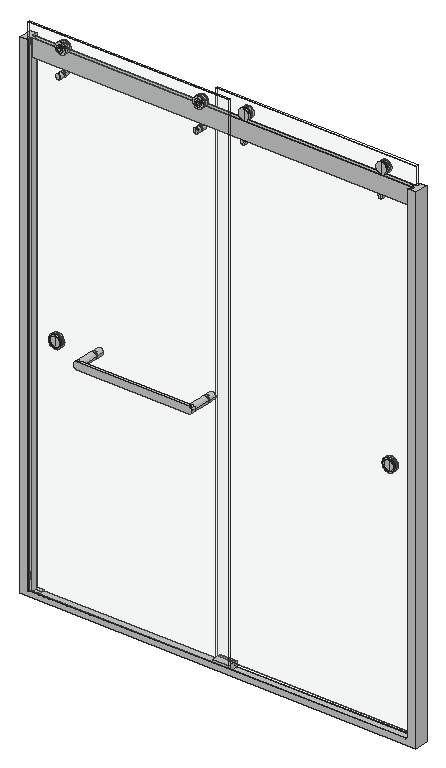
Revit family "1Doors_Mincey-Marble-Manufacturing_Madison", category Doors, Revit 2022
Family settings
  OmniClass Number = 23.45.05.14.11.24
  Work Plane-Based = No
  Always vertical = Yes
  Cut with Voids When Loaded = No
  Shared = No
  Room Calculation Point = No
Parameters (values of type "MADBP - 60 X 78 - Polished - Clear")
  Width Note = "Available custom sizes. Please, contact the manufacturer."  # constant formula
  Width = 60"
  Version = 1
  URL = "https://minceymarble.com/"
  Thickness = 3/8" * 2 + 12"  # 12 3/4"
  Sliding Panel 2 Width [instance] = Door Width  # 30 3/8"
  Sliding Panel 1 Width [instance] = Door Width  # 30 3/8"
  Rough Width = Width  # 60"
  Rough Height = Height  # 78"
  Product data url = ""
  Product Page URL = "https://minceymarble.com/product/enclosures-madbp"
  Product Material = Mincey Marble Manufacturing - Metal - Polished
  Product Documentation Link = "https://minceymarble.com/products-specifications-enclosures-madbp"
  Opening Position Right [instance] = 0
  Opening Position Note [instance] = "Please specify the door opening percentage from 0% to 100% in the Opening Position parameter."  # constant formula
  Opening Position Left [instance] = 0
  Model = "MADBP - 60 X 78 - Polished - Clear"
  Manufacturer = "Mincey Marble Manufacturing"  # constant formula
  Height Note = "Available custom sizes. Please, contact the manufacturer."  # constant formula
  Height = 78"
  Glass Material = Mincey Marble Manufacturing - Glass - Clear
  Door Width [instance] = Width / 2 - 7/8" + 1 1/4"  # 30 3/8"
  Door Offset Right [instance] = if(Opening Position Right < 0, (Width / 2 - 7/8" - 1 1/4") / 100 * 0 + 7/8" + 1/4", if(Opening Position Right = 0, (Width / 2 - 7/8" - 1 1/4") / 100 * 0 + 7/8" + 1/4", if(Opening Position Right > 100, (Width / 2 - 7/8" - 1 1/4") / 100 * 100 + 7/8", (Width / 2 - 7/8" - 1 1/4") / 100 * Opening Position Right + 7/8")))  # 1 1/8"
  Door Offset Left [instance] = if(Opening Position Left < 0, (Width / 2 - 7/8" - 1 1/4") / 100 * 0 + 7/8" + 1/4", if(Opening Position Left = 0, (Width / 2 - 7/8" - 1 1/4") / 100 * 0 + 7/8" + 1/4", if(Opening Position Left > 100, (Width / 2 - 7/8" - 1 1/4") / 100 * 100 + 7/8", (Width / 2 - 7/8" - 1 1/4") / 100 * Opening Position Left + 7/8")))  # 1 1/8"
  Description = "Frameless ByPass Barn"  # constant formula
  Default Elevation = 0"
  Date Updated = ""
  Date Created = "2025/04/14"  # constant formula
Reference planes (in)
  plane 1 "Center (Front/Back)": y = 0
  plane 2: z = 0
  plane 3 "Center (Left/Right)": x = 0
  plane 4: z = 78
  plane 5: y = 0.5
  plane 6: y = -0.5
  plane 7: x = -30
  plane 8: x = 30
  plane 9: y = -0.875
  plane 10: y = 0.875
  plane 11: x = 1.5
  plane 12: x = -1.5
  plane 13: x = -28.875
  plane 14: x = 28.875
  plane 15: x = -3
  plane 16: x = -23.875
  plane 17: x = 3
  plane 18: x = 24.125
  plane 19: x = 3
  plane 20: x = 23.875
  plane 21: z = 39
  plane 22 "1": z = -1.35345
  plane 23: z = 36
  plane 24: x = -24.75
  plane 25: x = 24.75
Forms (in)
  Extrusion 1, solid, material "Mincey Marble Manufacturing - Glass - Clear" <- "Glass Material", detail levels medium+fine
    sketch origin (0, 0, 0) x (1, 0, 0) y (0, 0, 1)
      loop
        line (-28.875, 78) -> (-28.875, 0.5) -> (1.5, 0.5) -> (1.5, 78) -> (-28.875, 78)
    from 0.5 to 0.875
  Extrusion 2, solid, material "Mincey Marble Manufacturing - Glass - Clear" <- "Glass Material", detail levels medium+fine
    sketch origin (0, 0, 0) x (1, 0, 0) y (0, 0, 1)
      loop
        line (-1.5, 78) -> (-1.5, 0.5) -> (28.875, 0.5) -> (28.875, 78) -> (-1.5, 78)
    from -0.875 to -0.5
  Revolve 3, solid, material "Mincey Marble Manufacturing - Metal - Polished" <- "Product Material", detail levels medium+fine
    sketch origin (-23.875, -180, 76.28219) x (0, 0, -1) y (0, -1, 0)
      loop
        line (0.15133, -179.125) -> (0.15133, -178.8125) -> (-0.07914, -178.8125) -> (-0.07914, -178.875) -> (-0.32718, -178.875) -> (-0.32718, -179) -> (-0.66703, -179) -> (-0.66703, -179.125) -> (0.15133, -179.125)
      loop
        line (-0.66703, -179.625) -> (-0.41703, -179.625) -> (-0.41703, -179.75) -> (-0.66703, -179.75) -> (-0.66703, -179.875) -> (0.15133, -179.875) -> (0.15133, -179.5) -> (-0.66703, -179.5) -> (-0.66703, -179.625)
      axis (0.15133, -178.8125) -> (0.15133, -179.875)
    angle from 0 to 360
  Revolve 4, solid, material "Mincey Marble Manufacturing - Metal - Polished" <- "Product Material", detail levels medium+fine
    sketch origin (-3, -180, 76.1413) x (0, 0, -1) y (0, -1, 0)
      loop
        line (0.01044, -179.125) -> (0.01044, -178.8125) -> (-0.22003, -178.8125) -> (-0.22003, -178.875) -> (-0.46808, -178.875) -> (-0.46808, -179) -> (-0.80792, -179) -> (-0.80792, -179.125) -> (0.01044, -179.125)
      loop
        line (-0.80792, -179.625) -> (-0.55792, -179.625) -> (-0.55792, -179.75) -> (-0.80792, -179.75) -> (-0.80792, -179.875) -> (0.01044, -179.875) -> (0.01044, -179.5) -> (-0.80792, -179.5) -> (-0.80792, -179.625)
      axis (0.01044, -178.8125) -> (0.01044, -179.875)
    angle from 0 to 360
  Revolve 5, solid, material "Mincey Marble Manufacturing - Metal - Polished" <- "Product Material", detail levels medium+fine
    sketch origin (23.875, 180, 76.28219) x (0, 0, -1) y (0, 1, 0)
      loop
        line (0.15133, -179.125) -> (0.15133, -178.8125) -> (-0.07914, -178.8125) -> (-0.07914, -178.875) -> (-0.32718, -178.875) -> (-0.32718, -179) -> (-0.66703, -179) -> (-0.66703, -179.125) -> (0.15133, -179.125)
      loop
        line (-0.66703, -179.625) -> (-0.41703, -179.625) -> (-0.41703, -179.75) -> (-0.66703, -179.75) -> (-0.66703, -179.875) -> (0.15133, -179.875) -> (0.15133, -179.5) -> (-0.66703, -179.5) -> (-0.66703, -179.625)
      axis (0.15133, -178.8125) -> (0.15133, -179.875)
    angle from 0 to 360
  Revolve 6, solid, material "Mincey Marble Manufacturing - Metal - Polished" <- "Product Material", detail levels medium+fine
    sketch origin (3, 180, 76.1413) x (0, 0, -1) y (0, 1, 0)
      loop
        line (0.01044, -179.125) -> (0.01044, -178.8125) -> (-0.22003, -178.8125) -> (-0.22003, -178.875) -> (-0.46808, -178.875) -> (-0.46808, -179) -> (-0.80792, -179) -> (-0.80792, -179.125) -> (0.01044, -179.125)
      loop
        line (-0.80792, -179.625) -> (-0.55792, -179.625) -> (-0.55792, -179.75) -> (-0.80792, -179.75) -> (-0.80792, -179.875) -> (0.01044, -179.875) -> (0.01044, -179.5) -> (-0.80792, -179.5) -> (-0.80792, -179.625)
      axis (0.01044, -178.8125) -> (0.01044, -179.875)
    angle from 0 to 360
  Revolve 7, solid, material "Mincey Marble Manufacturing - Metal - Polished" <- "Product Material"
    sketch origin (-3, -180, 76.1413) x (0, 0, -1) y (0, -1, 0)
      loop
        line (3.65539, -178.625) -> (3.27453, -178.625) -> (3.27453, -179.125) -> (3.65539, -179.125) -> (3.65539, -178.625)
      loop
        line (3.65539, -179.5) -> (3.27453, -179.5) -> (3.27453, -180) -> (3.65539, -180) -> (3.65539, -179.5)
      axis (3.65539, -180) -> (3.65539, -178.625)
    angle from 0 to 360
  Revolve 8, solid, material "Mincey Marble Manufacturing - Metal - Polished" <- "Product Material"
    sketch origin (-23.875, -180, 76.28219) x (0, 0, -1) y (0, -1, 0)
      loop
        line (3.79628, -178.625) -> (3.41542, -178.625) -> (3.41542, -179.125) -> (3.79628, -179.125) -> (3.79628, -178.625)
      loop
        line (3.79628, -179.5) -> (3.41542, -179.5) -> (3.41542, -180) -> (3.79628, -180) -> (3.79628, -179.5)
      axis (3.79628, -180) -> (3.79628, -178.625)
    angle from 0 to 360
  Revolve 9, solid, material "Mincey Marble Manufacturing - Metal - Polished" <- "Product Material"
    sketch origin (3, 180, 76.1413) x (0, 0, -1) y (0, 1, 0)
      loop
        line (3.65539, -180) -> (3.65539, -179.5) -> (3.27453, -179.5) -> (3.27453, -180) -> (3.65539, -180)
      loop
        line (3.65539, -179.125) -> (3.65539, -178.625) -> (3.27453, -178.625) -> (3.27453, -179.125) -> (3.65539, -179.125)
      axis (3.65539, -178.625) -> (3.65539, -180)
    angle from 0 to 360
  Revolve 10, solid, material "Mincey Marble Manufacturing - Metal - Polished" <- "Product Material"
    sketch origin (23.875, 180, 76.28219) x (0, 0, -1) y (0, 1, 0)
      loop
        line (3.79628, -180) -> (3.79628, -179.5) -> (3.41542, -179.5) -> (3.41542, -180) -> (3.79628, -180)
      loop
        line (3.79628, -179.125) -> (3.79628, -178.625) -> (3.41542, -178.625) -> (3.41542, -179.125) -> (3.79628, -179.125)
      axis (3.79628, -178.625) -> (3.79628, -180)
    angle from 0 to 360
  Extrusion 11, solid, material "Mincey Marble Manufacturing - Metal - Polished" <- "Product Material", detail levels medium+fine
    sketch origin (0, 0, 0) x (1, 0, 0) y (0, 1, 0)
      loop
        line (-29.125, 0.375) -> (-28.75, 0.375) -> (-28.75, -0.375) -> (-29.125, -0.375) -> (-29.125, -0.875) -> (-28.75, -0.875) -> (-28.75, -1) -> (-28, -1) -> (-28, 1) -> (-29.125, 1) -> (-29.125, 0.375)
    from 0.125 to 0.25
  Extrusion 12, solid, material "Mincey Marble Manufacturing - Metal - Polished" <- "Product Material", detail levels medium+fine
    sketch origin (0, 0, 0) x (-1, 0, 0) y (0, -1, 0)
      loop
        line (-29.125, -0.375) -> (-29.125, -1) -> (-28, -1) -> (-28, 1) -> (-28.75, 1) -> (-28.75, 0.875) -> (-29.125, 0.875) -> (-29.125, 0.375) -> (-28.75, 0.375) -> (-28.75, -0.375) -> (-29.125, -0.375)
    from 0.125 to 0.25
  Extrusion 13, solid, material "Mincey Marble Manufacturing - Metal - Polished" <- "Product Material", detail levels medium+fine
    sketch origin (0, 0, 0) x (1, 0, 0) y (0, 1, 0)
      loop
        line (-28.75, -0.375) -> (-28, -0.25) -> (-28, 0.25) -> (-28.75, 0.375) -> (-28.75, -0.375)
    from 0.25 to 0.375
  Extrusion 14, solid, material "Mincey Marble Manufacturing - Metal - Polished" <- "Product Material", detail levels medium+fine
    sketch origin (0, 0, 0) x (-1, 0, 0) y (0, -1, 0)
      loop
        line (-28.75, 0.375) -> (-28.75, -0.375) -> (-28, -0.25) -> (-28, 0.25) -> (-28.75, 0.375)
    from 0.25 to 0.375
  Extrusion 15, solid, material "Mincey Marble Manufacturing - Metal - Polished" <- "Product Material", detail levels medium+fine
    sketch origin (0, 0, 0) x (0, 1, 0) y (0, 0, 1)
      loop
        line (1, 0.125) -> (1, 0.875) -> (0.875, 0.875) -> (0.875, 0.5) -> (0.5, 0.5) -> (0.5, 0.875) -> (-0.5, 0.875) -> (-0.5, 0.5) -> (-0.875, 0.5) -> (-0.875, 0.125) -> (1, 0.125)
    from -1.25 to 1.25
  Revolve 16, solid, material "Mincey Marble Manufacturing - Metal - Polished" <- "Product Material", detail levels coarse
    sketch origin (-3, -180, 76.1413) x (0, 0, -1) y (0, -1, 0)
      loop
        line (0.01044, -179.125) -> (0.01044, -178.8125) -> (-0.80792, -178.8125) -> (-0.80792, -179.125) -> (0.01044, -179.125)
      loop
        line (-0.55792, -179.625) -> (-0.55792, -179.75) -> (-0.80792, -179.75) -> (-0.80792, -179.875) -> (0.01044, -179.875) -> (0.01044, -179.5) -> (-0.80792, -179.5) -> (-0.80792, -179.625) -> (-0.55792, -179.625)
      axis (0.01044, -179.875) -> (0.01044, -178.8125)
    angle from 0 to 360
  Revolve 17, solid, material "Mincey Marble Manufacturing - Metal - Polished" <- "Product Material", detail levels coarse
    sketch origin (-23.875, -180, 76.28219) x (0, 0, -1) y (0, -1, 0)
      loop
        line (0.15133, -179.125) -> (0.15133, -178.8125) -> (-0.66703, -178.8125) -> (-0.66703, -179.125) -> (0.15133, -179.125)
      loop
        line (-0.41703, -179.625) -> (-0.41703, -179.75) -> (-0.66703, -179.75) -> (-0.66703, -179.875) -> (0.15133, -179.875) -> (0.15133, -179.5) -> (-0.66703, -179.5) -> (-0.66703, -179.625) -> (-0.41703, -179.625)
      axis (0.15133, -178.8125) -> (0.15133, -179.875)
    angle from 0 to 360
  Revolve 18, solid, material "Mincey Marble Manufacturing - Metal - Polished" <- "Product Material", detail levels coarse
    sketch origin (3, 180, 76.1413) x (0, 0, -1) y (0, 1, 0)
      loop
        line (0.01044, -179.125) -> (0.01044, -178.8125) -> (-0.80792, -178.8125) -> (-0.80792, -179.125) -> (0.01044, -179.125)
      loop
        line (-0.55792, -179.625) -> (-0.55792, -179.75) -> (-0.80792, -179.75) -> (-0.80792, -179.875) -> (0.01044, -179.875) -> (0.01044, -179.5) -> (-0.80792, -179.5) -> (-0.80792, -179.625) -> (-0.55792, -179.625)
      axis (0.01044, -178.8125) -> (0.01044, -179.875)
    angle from 0 to 360
  Revolve 19, solid, material "Mincey Marble Manufacturing - Metal - Polished" <- "Product Material", detail levels coarse
    sketch origin (23.875, 180, 76.28219) x (0, 0, -1) y (0, 1, 0)
      loop
        line (0.15133, -179.125) -> (0.15133, -178.8125) -> (-0.66703, -178.8125) -> (-0.66703, -179.125) -> (0.15133, -179.125)
      loop
        line (-0.41703, -179.625) -> (-0.41703, -179.75) -> (-0.66703, -179.75) -> (-0.66703, -179.875) -> (0.15133, -179.875) -> (0.15133, -179.5) -> (-0.66703, -179.5) -> (-0.66703, -179.625) -> (-0.41703, -179.625)
      axis (0.15133, -178.8125) -> (0.15133, -179.875)
    angle from 0 to 360
  Extrusion 20, solid, material "Mincey Marble Manufacturing - Metal - Polished" <- "Product Material", detail levels medium+fine
    sketch origin (0, 0, 0) x (1, 0, 0) y (0, 1, 0)
      loop
        line (-29.125, -0.875) -> (-29.125, -0.375) -> (-28.75, -0.375) -> (-28.75, 0.375) -> (-29.125, 0.375) -> (-29.125, 1) -> (-30, 1) -> (-30, -1) -> (-28.75, -1) -> (-28.75, -0.875) -> (-29.125, -0.875)
    from 0 to 75.5625
  Extrusion 21, solid, material "Mincey Marble Manufacturing - Metal - Polished" <- "Product Material", detail levels medium+fine
    sketch origin (0, 0, 0) x (1, 0, 0) y (0, 1, 0)
      loop
        line (29.125, -0.875) -> (28.75, -0.875) -> (28.75, -1) -> (30, -1) -> (30, 1) -> (29.125, 1) -> (29.125, 0.375) -> (28.75, 0.375) -> (28.75, -0.375) -> (29.125, -0.375) -> (29.125, -0.875)
    from 0 to 75.5625
  Revolve 22, solid, material "Mincey Marble Manufacturing - Metal - Polished" <- "Product Material", detail levels medium+fine
    sketch origin (-35.47984, -180, 36) x (-1, 0, 0) y (0, -1, 0)
      loop
        line (-16.90953, -179.125) -> (-16.40953, -179.125) -> (-16.40953, -176.625) -> (-16.90953, -176.625) -> (-16.90953, -179.125)
      loop
        line (-16.90953, -180.46322) -> (-16.40953, -180.46322) -> (-16.40953, -179.5) -> (-16.90953, -179.5) -> (-16.90953, -180.46322)
      axis (-16.40953, -176.625) -> (-16.40953, -180.46322)
    angle from 0 to 360
  Revolve 23, solid, material "Mincey Marble Manufacturing - Metal - Polished" <- "Product Material", detail levels medium+fine
    sketch origin (-35.47984, -180, 36) x (-1, 0, 0) y (0, -1, 0)
      loop
        line (-33.90953, -179.125) -> (-33.40953, -179.125) -> (-33.40953, -176.625) -> (-33.90953, -176.625) -> (-33.90953, -179.125)
      loop
        line (-33.90953, -180.46322) -> (-33.40953, -180.46322) -> (-33.40953, -179.5) -> (-33.90953, -179.5) -> (-33.90953, -180.46322)
      axis (-33.40953, -176.625) -> (-33.40953, -180.46322)
    angle from 0 to 360
  Extrusion 24, solid, material "Mincey Marble Manufacturing - Metal - Polished" <- "Product Material", detail levels medium+fine
    sketch origin (-19.07031, -3.375, 36) x (0, 0, -1) y (1, 0, 0)
      loop
        line (0.5, 0) -> (0.5, 17)
        arc (0.5, 17) -> (0, 17.5) -> (-0.5, 17) r 0.5
        line (-0.5, 17) -> (-0.5, 0)
        arc (-0.5, 0) -> (0, -0.5) -> (0.5, 0) r 0.5
    from 0 to 0.5
  Extrusion 25, solid, material "Mincey Marble Manufacturing - Metal - Polished" <- "Product Material"
    sketch origin (0, 0, 0) x (0, 1, 0) y (0, 0, 1)
      loop
        line (0.375, 75.5625) -> (0.25, 75.5625) -> (0.25, 75.0625) -> (-0.25, 75.0625) -> (-0.25, 75.5625) -> (-0.375, 75.5625) -> (-0.375, 73) -> (0.375, 73) -> (0.375, 75.5625)
    from -28.75 to 28.75
  Extrusion 26, solid, material "Mincey Marble Manufacturing - Metal - Polished" <- "Product Material", detail levels coarse
    sketch origin (0, 0, 0) x (1, 0, 0) y (0, 1, 0)
      loop
        line (-30, 1) -> (-30, -1) -> (-28.75, -1) -> (-28.75, 1) -> (-30, 1)
      loop
        line (30, 1) -> (28.75, 1) -> (28.75, -1) -> (30, -1) -> (30, 1)
    from 0 to 75.5625
  Extrusion 27, solid, material "Mincey Marble Manufacturing - Glass - Clear" <- "Glass Material", detail levels coarse
    sketch origin (-32.377, -0.875, 48) x (-1, 0, 0) y (0, 0, 1)
      loop
        line (-3.627, 30) -> (-33.877, 30) -> (-33.877, -47.5) -> (-3.627, -47.5) -> (-3.627, 30)
    from 0 to 0.375
  Extrusion 28, solid, material "Mincey Marble Manufacturing - Glass - Clear" <- "Glass Material", detail levels coarse
    sketch origin (-28.47756, 0.5, 48) x (-1, 0, 0) y (0, 0, 1)
      loop
        line (-26.97756, -47.5) -> (-26.97756, 30) -> (-57.22756, 30) -> (-57.22756, -47.5) -> (-26.97756, -47.5)
    from 0 to 0.375
  Extrusion 29, solid, material "Mincey Marble Manufacturing - Rubber - Seal", detail levels medium+fine
    sketch origin (0, 0, 1) x (1, 0, 0) y (0, 0, 1)
      loop
        line (-29.125, 1) -> (-28.875, 1) -> (-28.875, 2) -> (-29.125, 2) -> (-29.125, 1)
      loop
        line (-29.125, 73.5625) -> (-28.875, 73.5625) -> (-28.875, 74.5625) -> (-29.125, 74.5625) -> (-29.125, 73.5625)
    from 0.375 to 0.875
  Extrusion 30, solid, material "Mincey Marble Manufacturing - Rubber - Seal", detail levels medium+fine
    sketch origin (0, 0, 1) x (-1, 0, 0) y (0, 0, 1)
      loop
        line (-29.125, 1) -> (-28.875, 1) -> (-28.875, 2) -> (-29.125, 2) -> (-29.125, 1)
      loop
        line (-29.125, 73.5625) -> (-28.875, 73.5625) -> (-28.875, 74.5625) -> (-29.125, 74.5625) -> (-29.125, 73.5625)
    from 0.375 to 0.875
  Extrusion 31, solid, material "Mincey Marble Manufacturing - Metal - Polished" <- "Product Material", detail levels medium+fine
    sketch origin (0, 0, 0) x (0, 1, 0) y (0, 0, 1)
      loop
        line (1, 0) -> (1, 0.125) -> (-0.875, 0.125) -> (-0.875, 0.8125) -> (-1, 0.8125) -> (-1, 0) -> (1, 0)
    from -29.125 to 29.125
  Extrusion 32, solid, material "Mincey Marble Manufacturing - Metal - Polished" <- "Product Material", detail levels coarse
    sketch origin (0, 0, 0) x (0, 1, 0) y (0, 0, 1)
      loop
        line (1, 0) -> (1, 0.125) -> (-0.875, 0.125) -> (-0.875, 0.8125) -> (-1, 0.8125) -> (-1, 0) -> (1, 0)
    from -28.75 to 28.75
  Revolve 33, solid, material "Mincey Marble Manufacturing - Metal - Polished" <- "Product Material", detail levels medium+fine
    sketch origin (-24.75, -180, 36.5) x (0, 0, 1) y (0, -1, 0)
      loop
        line (0.5, -179.125) -> (0.5, -179.0625) -> (0.39175, -179) -> (-0.5, -179) -> (-0.5, -179.625) -> (0.39175, -179.625) -> (0.5, -179.5625) -> (0.5, -179.5) -> (0.29667, -179.5) -> (0.29667, -179.125) -> (0.5, -179.125)
      axis (-0.5, -179.625) -> (-0.5, -179)
    angle from 0 to 360
  Revolve 34, void
    sketch origin (-24.75, -180, 36.5) x (0, 0, 1) y (0, -1, 0)
      loop
        line (0.29665, -179.0625) -> (0.29665, -179) -> (-0.5, -179) -> (-0.5, -179.0625) -> (0.29665, -179.0625)
      loop
        line (0.29665, -179.5625) -> (-0.5, -179.5625) -> (-0.5, -179.625) -> (0.29665, -179.625) -> (0.29665, -179.5625)
      axis (-0.5, -179) -> (-0.5, -179.625)
    angle from 0 to 360
  Revolve 35, void
    sketch origin (24.75, -180, 36.5) x (0, 0, 1) y (0, -1, 0)
      loop
        line (0.29665, -180.9375) -> (-0.5, -180.9375) -> (-0.5, -181) -> (0.29665, -181) -> (0.29665, -180.9375)
      loop
        line (0.29665, -180.4375) -> (0.29665, -180.375) -> (-0.5, -180.375) -> (-0.5, -180.4375) -> (0.29665, -180.4375)
      axis (-0.5, -181) -> (-0.5, -180.375)
    angle from 0 to 360
  Revolve 36, solid, material "Mincey Marble Manufacturing - Metal - Polished" <- "Product Material", detail levels medium+fine
    sketch origin (24.75, -180, 36.5) x (0, 0, 1) y (0, -1, 0)
      loop
        line (0.5, -180.875) -> (0.29667, -180.875) -> (0.29667, -180.5) -> (0.5, -180.5) -> (0.5, -180.4375) -> (0.39175, -180.375) -> (-0.5, -180.375) -> (-0.5, -181) -> (0.39175, -181) -> (0.5, -180.9375) -> (0.5, -180.875)
      axis (-0.5, -180.375) -> (-0.5, -181)
    angle from 0 to 360
Cuts and joins
  joined: Revolve 22, Revolve 23, Extrusion 24
  joined: Extrusion 11, Extrusion 12, Extrusion 13, Extrusion 14, Extrusion 15, Extrusion 20, Extrusion 21, Extrusion 31
  joined: Extrusion 26, Extrusion 32
  Revolve 34 cuts Extrusion 1
  Revolve 34 cuts Revolve 33
  Revolve 35 cuts Revolve 36
Lines and regions (in)
  Masking region 1, detail levels medium+fine
    outline origin (0, 0, 0) x (1, 0, 0) y (0, 1, 0)
      loop
        line (-29.125, 1) -> (-29.125, -1) -> (-28, -1) -> (-28, 1) -> (-29.125, 1)
      loop
        line (29.125, 1) -> (28, 1) -> (28, -1) -> (29.125, -1) -> (29.125, 1)
  Masking region 2, detail levels medium+fine
    outline origin (0, 0, 0) x (1, 0, 0) y (0, 1, 0)
      loop
        line (-29.125, 1) -> (-30, 1) -> (-30, -1) -> (-28.75, -1) -> (-28.75, -0.875) -> (-29.125, -0.875) -> (-29.125, -0.375) -> (-28.75, -0.375) -> (-28.75, 0.375) -> (-29.125, 0.375) -> (-29.125, 1)
      loop
        line (30, -1) -> (30, 1) -> (29.125, 1) -> (29.125, 0.375) -> (28.75, 0.375) -> (28.75, -0.375) -> (29.125, -0.375) -> (29.125, -0.875) -> (28.75, -0.875) -> (28.75, -1) -> (30, -1)
  Masking region 3
    outline origin (0, 0, 0) x (1, 0, 0) y (0, 1, 0)
      loop
        line (28.875, 0.875) -> (-1.5, 0.875) -> (-1.5, 0.5) -> (28.875, 0.5) -> (28.875, 0.875)
  Masking region 4, detail levels medium+fine
    outline origin (0, 0, 0) x (1, 0, 0) y (0, 1, 0)
      loop
        line (-28.875, -0.5) -> (-28.875, -0.875) -> (1.5, -0.875) -> (1.5, -0.5) -> (-28.875, -0.5)
  Masking region 5, detail levels medium+fine
    outline origin (0, 0, 0) x (1, 0, 0) y (0, 1, 0)
      loop
        line (-2.57031, -3.375) -> (-18.57031, -3.375) -> (-18.57031, -0.875) -> (-19.57031, -0.875) -> (-19.57031, -3.875) -> (-1.57031, -3.875) -> (-1.57031, -0.875) -> (-2.57031, -0.875) -> (-2.57031, -3.375)
      loop
        line (-18.57031, -0.5) -> (-18.57031, 0.46322) -> (-19.57031, 0.46322) -> (-19.57031, -0.5) -> (-18.57031, -0.5)
      loop
        line (-1.57031, -0.5) -> (-1.57031, 0.46322) -> (-2.57031, 0.46322) -> (-2.57031, -0.5) -> (-1.57031, -0.5)
  Masking region 6, detail levels coarse
    outline origin (0, 0, 0) x (1, 0, 0) y (0, 1, 0)
      loop
        line (-30, 1) -> (-30, -1) -> (-28.75, -1) -> (-28.75, 1) -> (-30, 1)
      loop
        line (30, 1) -> (28.75, 1) -> (28.75, -1) -> (30, -1) -> (30, 1)
  Masking region 7
    outline origin (0, 0, -1.35345) x (-1, 0, 0) y (0, -1, 0)
      loop
        line (28.75, -1) -> (28.75, 1) -> (-28.75, 1) -> (-28.75, -1) -> (28.75, -1)
  Masking region 8, detail levels coarse
    outline origin (0, 0, 0) x (1, 0, 0) y (0, 1, 0)
      loop
        line (-28.75, -0.5) -> (-28.75, -0.875) -> (1.5, -0.875) -> (1.5, -0.5) -> (-28.75, -0.5)
      loop
        line (-1.5, 0.875) -> (-1.5, 0.5) -> (28.75, 0.5) -> (28.75, 0.875) -> (-1.5, 0.875)
  Masking region 9, detail levels medium+fine
    outline origin (0, 0, 0) x (1, 0, 0) y (0, 1, 0)
      loop
        line (-25.64175, -0.375) -> (-25.75, -0.4363) -> (-25.75, -0.5) -> (-24.75, -0.5) -> (-23.75, -0.5) -> (-23.75, -0.4363) -> (-23.85825, -0.375) -> (-24.75, -0.375) -> (-25.64175, -0.375)
      loop
        line (-24.75, -1) -> (-23.85825, -1) -> (-23.75, -0.93787) -> (-23.75, -0.875) -> (-24.75, -0.875) -> (-25.75, -0.875) -> (-25.75, -0.93787) -> (-25.64175, -1) -> (-24.75, -1)
  Masking region 10, detail levels medium+fine
    outline origin (0, 0, 0) x (-1, 0, 0) y (0, -1, 0)
      loop
        line (-25.64175, -0.375) -> (-25.75, -0.4363) -> (-25.75, -0.5) -> (-24.75, -0.5) -> (-23.75, -0.5) -> (-23.75, -0.4363) -> (-23.85825, -0.375) -> (-24.75, -0.375) -> (-25.64175, -0.375)
      loop
        line (-24.75, -1) -> (-23.85825, -1) -> (-23.75, -0.93787) -> (-23.75, -0.875) -> (-24.75, -0.875) -> (-25.75, -0.875) -> (-25.75, -0.93787) -> (-25.64175, -1) -> (-24.75, -1)
  symbolic lines, style "DoorsOpeningProjection"
    curve 1: line (-21.68167, 0, 39.90517) -> (-5.57231, 0, 39.90517)
    curve 2: line (-20.22442, 0, 39.5147) -> (-21.68167, 0, 39.90517)
    curve 3: line (-21.68167, 0, 39.90517) -> (-20.22442, 0, 40.29564)
    curve 4: line (-5.58282, 0, 38.09483) -> (-21.69218, 0, 38.09483)
    curve 5: line (-5.58282, 0, 38.09483) -> (-7.04007, 0, 37.70436)
    curve 6: line (-7.04007, 0, 38.4853) -> (-5.58282, 0, 38.09483)
    curve 7: line (5.69333, 0, 39.90517) -> (21.80269, 0, 39.90517)
    curve 8: line (7.15058, 0, 39.5147) -> (5.69333, 0, 39.90517)
    curve 9: line (5.69333, 0, 39.90517) -> (7.15058, 0, 40.29564)
    curve 10: line (21.79218, 0, 38.09483) -> (5.68282, 0, 38.09483)
    curve 11: line (21.79218, 0, 38.09483) -> (20.33493, 0, 37.70436)
    curve 12: line (20.33493, 0, 38.4853) -> (21.79218, 0, 38.09483)
    curve 13: line (-5.59266, -11.61355, 0) -> (-21.70426, -11.61355, 0)
    curve 14: line (-21.69375, -9.8032, 0) -> (-5.58215, -9.8032, 0)
    curve 15: line (-7.04991, -11.22308, 0) -> (-5.59266, -11.61355, 0)
    curve 16: line (-5.59266, -11.61355, 0) -> (-7.04991, -12.00402, 0)
    curve 17: line (-20.2365, -10.19367, 0) -> (-21.69375, -9.8032, 0)
    curve 18: line (-21.69375, -9.8032, 0) -> (-20.2365, -9.41273, 0)
    curve 19: line (5.59266, 11.61355, 0) -> (21.70426, 11.61355, 0)
    curve 20: line (21.69375, 9.8032, 0) -> (5.58215, 9.8032, 0)
    curve 21: line (7.04991, 11.22308, 0) -> (5.59266, 11.61355, 0)
    curve 22: line (5.59266, 11.61355, 0) -> (7.04991, 12.00402, 0)
    curve 23: line (20.2365, 10.19367, 0) -> (21.69375, 9.8032, 0)
    curve 24: line (21.69375, 9.8032, 0) -> (20.2365, 9.41273, 0)
  symbolic lines, detail levels medium+fine
    curve 25: line (-28, 0.25, 0) -> (-28.75, 0.375, 0)
    curve 26: line (-28.75, -0.375, 0) -> (-28, -0.25, 0)
    curve 27: line (28.75, 0.375, 0) -> (28, 0.25, 0)
    curve 28: line (28, -0.25, 0) -> (28.75, -0.375, 0)
    curve 29: line (-28.875, -0.875, 0) -> (-28.875, -0.375, 0)
    curve 30: line (28.875, 1, 0) -> (28.875, 0.375, 0)
Dimensions and locks (in)
  plane 5 to plane 1 "Center (Front/Back)" to plane 6 = 1/2" locked, 1/2" locked
  equal spacing: plane 7, plane 3 "Center (Left/Right)", plane 8
  "Width": plane 7 to plane 8
  locked: plane 6 to plane 9 at 0.375
  locked: plane 10 to plane 5 at 0.375
  locked: Extrusion 1 sketch curve to level at 0.5
  locked: Extrusion 2 sketch curve to level at 0.5
  Revolve 3 sketch curve to Revolve 3 sketch curve to Revolve 3 sketch curve to Revolve 3 sketch curve = 59/256" locked, 0.24805" locked, 87/256" locked
  Revolve 3 sketch curve to Revolve 3 sketch curve to Revolve 3 sketch curve = 1/8" locked, 1/16" locked
  locked: plane 4 to Revolve 3 sketch curve at 1.05078
  locked: plane 4 to Revolve 3 sketch curve at 1.86914
  locked: plane 4 to Revolve 4 sketch curve at 1.86914
  locked: plane 4 to Revolve 5 sketch curve at 1.86914
  locked: plane 4 to Revolve 6 sketch curve at 1.86914
  locked: Revolve 7 sketch curve to Revolve 7 sketch curve at 0.5  (x2)
  plane 4 to Revolve 7 sketch curve to Revolve 7 sketch curve to Revolve 7 sketch curve to Revolve 7 sketch curve to Revolve 7 sketch curve = 5.13323" locked, 0" locked, 0.38086" locked, 0" locked, 0" locked
  locked: Revolve 8 sketch curve to Revolve 8 sketch curve at 0.5  (x2)
  Revolve 8 sketch curve to Revolve 8 sketch curve to Revolve 8 sketch curve to Revolve 8 sketch curve to Revolve 8 sketch curve = 0" locked, 0.38086" locked, 0" locked, 0" locked
  locked: plane 4 to Revolve 8 sketch curve at 5.13323
  locked: Revolve 9 sketch curve to Revolve 9 sketch curve at 0.5  (x2)
  Revolve 9 sketch curve to Revolve 9 sketch curve to Revolve 9 sketch curve to Revolve 9 sketch curve to Revolve 9 sketch curve = 0" locked, 0.38086" locked, 0" locked, 0" locked
  locked: plane 4 to Revolve 9 sketch curve at 5.13323
  locked: Revolve 10 sketch curve to Revolve 10 sketch curve at 0.5  (x2)
  Revolve 10 sketch curve to Revolve 10 sketch curve to Revolve 10 sketch curve to Revolve 10 sketch curve to Revolve 10 sketch curve = 0" locked, 0.38086" locked, 0" locked, 0" locked
  locked: plane 4 to Revolve 10 sketch curve at 5.13323
  locked: Extrusion 11 sketch curve to Extrusion 11 sketch curve at 0.75
  locked: Extrusion 12 sketch curve to Extrusion 12 sketch curve at 0.75
  "Height": plane 4 to level
  locked: Extrusion 15 to Extrusion 15 at 2.5
  locked: Revolve 17 sketch curve to Revolve 17 sketch curve at 0.3125
  Revolve 17 sketch curve to Revolve 17 sketch curve to Revolve 17 sketch curve to Revolve 17 sketch curve to Revolve 17 sketch curve = 0" locked, 0.81836" locked, 0" locked, 0" locked
  Revolve 17 sketch curve to plane 6 = 0"
  locked: plane 4 to Revolve 17 sketch curve at 1.86914
  locked: plane 4 to Revolve 18 sketch curve at 1.86914
  locked: Revolve 19 sketch curve to plane 4 at 1.86914
  locked: Extrusion 20 sketch curve to Extrusion 20 sketch curve at 0.125
  locked: Extrusion 20 sketch curve to Extrusion 20 sketch curve at 0.75
  Extrusion 20 sketch curve to Extrusion 20 sketch curve to Extrusion 20 sketch curve to Extrusion 20 sketch curve = 7/8" locked, 0" locked, 3/8" locked
  "Door Width": plane 13 to plane 11
  "Door Width": plane 12 to plane 14
  "Door Offset Left": plane 7 to plane 13
  "Door Offset Right": plane 14 to plane 8
  locked: plane 13 to plane 16 at 5
  locked: plane 11 to plane 15 at 4.5
  locked: plane 19 to plane 12 at 4.5
  locked: plane 20 to plane 14 at 5
  equal spacing: plane 4, plane 21, level
  Revolve 22 sketch curve to Revolve 22 sketch curve to Revolve 22 sketch curve to Revolve 22 sketch curve to Revolve 22 sketch curve = 0" locked, 0" locked, 1/2" locked, 0" locked
  locked: plane 13 to Revolve 22 sketch curve at 9.80469
  locked: Revolve 22 sketch curve to Revolve 22 sketch curve at 0.96322
  locked: Revolve 22 sketch curve to Revolve 22 sketch curve at 2.5
  locked: plane 13 to Extrusion 24 sketch curve at 9.80469
  locked: plane 11 to Extrusion 24 sketch curve at 3.57031
  locked: Extrusion 24 to Extrusion 24 at 0.5
  Revolve 23 sketch curve to Revolve 23 sketch curve to plane 11 = 1/2" locked, 3 9/128" locked
  locked: Revolve 23 sketch curve to Revolve 23 sketch curve
  locked: Revolve 23 sketch curve to Revolve 23 sketch curve at 2.5
  curve 3 to curve 1 to curve 2 to curve 6 to curve 4 to curve 5 = 0.39047" locked, 0.39047" locked, 1.02941" locked, 0.39047" locked, 0.39047" locked
  curve 3 to curve 2 to curve 3 to curve 4 = 0" locked, 1.45725" locked, 0.01051" locked
  curve 1 to curve 6 to curve 6 to curve 5 = 0.01051" locked, 1.45725" locked, 0" locked
  locked: plane 13 to curve 4 at 7.18282
  locked: plane 11 to curve 1 at 7.07231
  curve 9 to curve 7 to curve 8 to curve 12 to curve 10 to curve 11 = 0.39047" locked, 0.39047" locked, 1.02941" locked, 0.39047" locked, 0.39047" locked
  curve 9 to curve 8 to curve 9 to curve 10 = 0" locked, 1.45725" locked, 0.01051" locked
  curve 7 to curve 12 to curve 12 to curve 11 = 0.01051" locked, 1.45725" locked, 0" locked
  locked: curve 7 to plane 14 at 7.07231
  locked: plane 12 to curve 10 at 7.18282
  curve 13 to curve 18 to curve 18 to curve 17 = 0.01051" locked, 1.45725" locked, 0" locked
  curve 15 to curve 16 to curve 16 to curve 14 = 0" locked, 1.45725" locked, 0.01051" locked
  locked: plane 13 to curve 13 at 7.17074
  locked: curve 14 to plane 11 at 7.08215
  curve 19 to curve 24 to curve 24 to curve 23 = 0.01051" locked, 1.45725" locked, 0" locked
  curve 21 to curve 22 to curve 22 to curve 20 = 0" locked, 1.45725" locked, 0.01051" locked
  locked: plane 12 to curve 20 at 7.08215
  locked: curve 19 to plane 14 at 7.17074
  plane 13 to Masking region 5 sketch curve to Masking region 5 sketch curve to Masking region 5 sketch curve to Masking region 5 sketch curve = 9 39/128" locked, 0" locked, 1" locked, 0" locked
  Masking region 5 sketch curve to Masking region 5 sketch curve to plane 11 = 1" locked, 3 9/128" locked
  locked: plane 7 to Masking region 1 sketch curve at 2
  locked: plane 7 to Masking region 1 sketch curve at 0.875
  locked: Masking region 1 sketch curve to plane 8 at 0.875
  locked: Extrusion 21 sketch curve to plane 10 at 0.125
  locked: Extrusion 21 sketch curve to plane 9 at 0.125
  Extrusion 21 sketch curve to Extrusion 21 sketch curve to Extrusion 21 sketch curve to Extrusion 21 sketch curve to plane 8 = 0" locked, 3/8" locked, 0" locked, 7/8" locked
  Extrusion 21 sketch curve to plane 1 "Center (Front/Back)" to Extrusion 21 sketch curve = 3/8" locked, 3/8" locked
  locked: Extrusion 12 sketch curve to Extrusion 21 at 1.125
  locked: Extrusion 20 to Extrusion 11 sketch curve at 1.125
  plane 4 to Extrusion 25 sketch curve to Extrusion 25 sketch curve to Extrusion 25 sketch curve to Extrusion 25 sketch curve = 2 7/16" locked, 0" locked, 1/2" locked, 2 1/16" locked
  Extrusion 25 sketch curve to Extrusion 25 sketch curve to plane 1 "Center (Front/Back)" to Extrusion 25 sketch curve to Extrusion 25 sketch curve = 1/8" locked, 1/4" locked, 1/4" locked, 1/8" locked
  Revolve 3 sketch curve to Revolve 3 sketch curve to Revolve 3 sketch curve to Revolve 3 sketch curve = 1/8" locked, 1/8" locked, 1/8" locked
  locked: plane 6 to Revolve 3 sketch curve
  Revolve 3 sketch curve to Revolve 3 sketch curve to Revolve 3 sketch curve to Revolve 3 sketch curve to Revolve 3 sketch curve = 0" locked, 1/4" locked, 0.56836" locked, 0" locked
  Revolve 4 sketch curve to Revolve 4 sketch curve to Revolve 4 sketch curve to Revolve 4 sketch curve = 59/256" locked, 0.24805" locked, 87/256" locked
  Revolve 4 sketch curve to Revolve 4 sketch curve to Revolve 4 sketch curve = 1/8" locked, 1/16" locked
  Revolve 4 sketch curve to Revolve 4 sketch curve to Revolve 4 sketch curve to Revolve 4 sketch curve = 1/8" locked, 1/8" locked, 1/8" locked
  Revolve 4 sketch curve to Revolve 4 sketch curve to Revolve 4 sketch curve to Revolve 4 sketch curve = 0" locked, 1/4" locked, 0.56836"
  Revolve 6 sketch curve to Revolve 6 sketch curve to Revolve 6 sketch curve to Revolve 6 sketch curve = 59/256" locked, 0.24805" locked, 87/256" locked
  Revolve 6 sketch curve to Revolve 6 sketch curve to Revolve 6 sketch curve = 1/16" locked, 1/8" locked
  Revolve 6 sketch curve to Revolve 6 sketch curve to Revolve 6 sketch curve to Revolve 6 sketch curve = 1/8" locked, 1/8" locked, 1/8" locked
  Revolve 6 sketch curve to Revolve 6 sketch curve to Revolve 6 sketch curve to Revolve 6 sketch curve = 0" locked, 1/4" locked, 0.56836"
  Revolve 5 sketch curve to Revolve 5 sketch curve to Revolve 5 sketch curve to Revolve 5 sketch curve = 59/256" locked, 0.24805" locked, 87/256" locked
  Revolve 5 sketch curve to Revolve 5 sketch curve to Revolve 5 sketch curve = 1/16" locked, 1/8" locked
  Revolve 5 sketch curve to Revolve 5 sketch curve to Revolve 5 sketch curve to Revolve 5 sketch curve = 1/8" locked, 1/8" locked, 1/8" locked
  Revolve 5 sketch curve to Revolve 5 sketch curve to Revolve 5 sketch curve to Revolve 5 sketch curve = 0" locked, 1/4" locked, 0.56836"
  Revolve 17 sketch curve to Revolve 17 sketch curve to Revolve 17 sketch curve to Revolve 17 sketch curve = 1/8" locked, 1/8" locked, 1/8" locked
  Revolve 17 sketch curve to Revolve 17 sketch curve to Revolve 17 sketch curve = 1/4" locked, 0.56836" locked
  locked: Revolve 16 sketch curve to Revolve 16 sketch curve at 0.3125
  Revolve 16 sketch curve to Revolve 16 sketch curve to Revolve 16 sketch curve to Revolve 16 sketch curve = 0" locked, 0.81836", 0" locked
  Revolve 16 sketch curve to Revolve 16 sketch curve to Revolve 16 sketch curve to Revolve 16 sketch curve = 1/8" locked, 1/8" locked, 1/8" locked
  Revolve 16 sketch curve to Revolve 16 sketch curve to Revolve 16 sketch curve = 1/4" locked, 0.56836" locked
  Revolve 16 sketch curve to Revolve 16 sketch curve to plane 4 = 0" locked, 1.86914" locked
  locked: Revolve 18 sketch curve to Revolve 18 sketch curve at 0.3125
  Revolve 18 sketch curve to Revolve 18 sketch curve to Revolve 18 sketch curve to Revolve 18 sketch curve = 0" locked, 0.81836", 0" locked
  Revolve 18 sketch curve to Revolve 18 sketch curve to Revolve 18 sketch curve to Revolve 18 sketch curve = 1/8" locked, 1/8" locked, 1/8" locked
  Revolve 18 sketch curve to Revolve 18 sketch curve to Revolve 18 sketch curve = 1/4" locked, 0.56836" locked
  locked: Revolve 18 sketch curve to Revolve 18 sketch curve
  locked: Revolve 19 sketch curve to Revolve 19 sketch curve at 0.3125
  Revolve 19 sketch curve to Revolve 19 sketch curve to Revolve 19 sketch curve to Revolve 19 sketch curve = 0" locked, 0.81836", 0" locked
  Revolve 19 sketch curve to Revolve 19 sketch curve to Revolve 19 sketch curve to Revolve 19 sketch curve = 1/8" locked, 1/8" locked, 1/8" locked
  Revolve 19 sketch curve to Revolve 19 sketch curve to Revolve 19 sketch curve = 1/4" locked, 0.56836" locked
  locked: Revolve 19 sketch curve to Revolve 19 sketch curve
  plane 19 to plane 11 = 1 1/2"
  locked: plane 4 to Extrusion 20 at 2.4375
  locked: plane 4 to Extrusion 21 at 2.4375
  locked: plane 7 to Extrusion 20 sketch curve at 1.25
  Extrusion 14 sketch curve to Extrusion 14 sketch curve to plane 8 = 3/4" locked, 1 1/4" locked
  plane 7 to Extrusion 13 sketch curve to Extrusion 13 sketch curve = 1 1/4" locked, 3/4" locked
  locked: curve 30 to plane 8 at 1.125
  locked: plane 7 to curve 29 at 1.125
  locked: Extrusion 27 sketch curve to plane 13 at 0.125
  locked: Extrusion 28 sketch curve to plane 14 at 0.125
  locked: Extrusion 29 sketch curve to Extrusion 29 sketch curve at 1  (x2)
  plane 4 to Extrusion 29 to Extrusion 29 = 2 7/16" locked, 1" locked
  locked: Extrusion 30 sketch curve to Extrusion 30 sketch curve at 1  (x2)
  plane 4 to Extrusion 30 to Extrusion 30 = 2 7/16" locked, 1" locked
  locked: Extrusion 31 sketch curve to Extrusion 31 sketch curve at 0.6875
  locked: level to Extrusion 31 sketch curve
  plane 7 to Extrusion 31 = 7/8"
  plane 8 to Extrusion 31 = 7/8"
  locked: Extrusion 32 sketch curve to Extrusion 32 sketch curve at 0.6875
  locked: plane 8 to Extrusion 32 at 1.25
  locked: Extrusion 32 to plane 7 at 1.25
  locked: plane 23 to plane 21 at 3
  Extrusion 24 sketch curve to plane 23 to Extrusion 24 sketch curve = 1/2" locked, 1/2" locked
  Revolve 33 sketch curve to Revolve 33 sketch curve to Revolve 33 sketch curve to plane 23 to Revolve 33 sketch curve = 0" locked, 0.20333" locked, 0.79667" locked, 0" locked
  Revolve 34 sketch curve to Revolve 34 sketch curve to plane 23 to Revolve 34 sketch curve to Revolve 34 sketch curve = 0" locked, 0.79665" locked, 0" locked, 0" locked
  locked: plane 24 to plane 13 at 4.125
  plane 13 to Masking region 9 sketch curve to Masking region 9 sketch curve to Masking region 9 sketch curve to Masking region 9 sketch curve = 3 1/8" locked, 0" locked, 2" locked, 0" locked
  Revolve 35 sketch curve to Revolve 35 sketch curve to Revolve 35 sketch curve to Revolve 35 sketch curve = 0" locked, 0.79665", 0" locked
  locked: Revolve 35 sketch curve to plane 23 at 0.79665
  Revolve 36 sketch curve to Revolve 36 sketch curve to Revolve 36 sketch curve to Revolve 36 sketch curve = 0" locked, 0.20333" locked, 0.79667"
  locked: Revolve 36 sketch curve to plane 23 at 0.79667
  locked: plane 25 to plane 14 at 4.125
  Masking region 10 sketch curve to Masking region 10 sketch curve to Masking region 10 sketch curve to Masking region 10 sketch curve = 0" locked, 2" locked, 0" locked
  locked: Masking region 10 sketch curve to plane 14 at 3.125
  Revolve 23 sketch curve to Revolve 23 sketch curve = 1/2"
  locked: Revolve 23 sketch curve to Revolve 23 sketch curve at 0.96322
  locked: Revolve 23 sketch curve to plane 11 at 3.07031
  Masking region 5 sketch curve to Masking region 5 sketch curve = 1"
  locked: Masking region 5 sketch curve to plane 11 at 3.07031
  locked: Masking region 1 sketch curve to plane 8 at 2
  Extrusion 29 sketch curve to Extrusion 29 sketch curve to plane 7 = 1/4" locked, 7/8" locked  (x2)
  plane 8 to Extrusion 30 sketch curve to Extrusion 30 sketch curve = 7/8" locked, 1/4" locked  (x2)
  locked: curve 1 to plane 21 at 0.90517
  locked: curve 7 to plane 21 at 0.90517
  aligned and locked: plane 2 to level
  aligned and locked: Extrusion 1 sketch curve to plane 4
  aligned and locked: Extrusion 1 sketch curve to plane 11
  aligned and locked: Extrusion 1 sketch curve to plane 13
  aligned and locked: plane 6 to Extrusion 1
  aligned and locked: Extrusion 1 to plane 9
  aligned and locked: Extrusion 2 sketch curve to plane 12
  aligned and locked: plane 14 to Extrusion 2 sketch curve
  aligned and locked: Extrusion 2 sketch curve to plane 4
  aligned and locked: plane 10 to Extrusion 2
  aligned and locked: Extrusion 2 to plane 5
  aligned and locked: Revolve 3 sketch curve to plane 9
  aligned and locked: Revolve 7 sketch curve to plane 6
  aligned and locked: Revolve 7 sketch curve to plane 9
  aligned and locked: Revolve 8 sketch curve to plane 9
  aligned and locked: Revolve 8 sketch curve to plane 6
  aligned and locked: Revolve 9 sketch curve to plane 10
  aligned and locked: Revolve 9 sketch curve to plane 5
  aligned and locked: Revolve 10 sketch curve to plane 10
  aligned and locked: Revolve 10 sketch curve to plane 5
  aligned and locked: Extrusion 15 sketch curve to plane 10
  aligned and locked: plane 5 to Extrusion 15 sketch curve
  aligned and locked: Extrusion 15 sketch curve to plane 6
  aligned and locked: Extrusion 15 sketch curve to plane 9
  aligned and locked: Revolve 17 sketch curve to plane 9
  aligned and locked: Revolve 22 sketch curve to plane 9
  aligned and locked: Revolve 22 sketch curve to plane 6
  aligned and locked: Revolve 23 sketch curve to plane 9
  aligned and locked: Masking region 2 sketch curve to Extrusion 20  (x10)
  aligned and locked: Masking region 2 sketch curve to Extrusion 21  (x9)
  aligned and locked: Extrusion 21 to Masking region 2 sketch curve
  aligned and locked: Masking region 3 sketch curve to Extrusion 2
  aligned and locked: Extrusion 2 to Masking region 3 sketch curve
  aligned and locked: Masking region 4 sketch curve to Extrusion 1  (x4)
  aligned and locked: cut or joined group of Revolve 22, Revolve 23, Extrusion 24 to Masking region 5 sketch curve  (x4)
  aligned and locked: Masking region 5 sketch curve to cut or joined group of Revolve 22, Revolve 23, Extrusion 24  (x2)
  aligned and locked: plane 12 to Masking region 3
  aligned and locked: Masking region 3 sketch curve to plane 14
  aligned and locked: Extrusion 21 sketch curve to plane 8
  aligned and locked: Extrusion 20 sketch curve to plane 7
  aligned and locked: Extrusion 12 sketch curve to Extrusion 21  (x3)
  aligned and locked: Extrusion 11 sketch curve to Extrusion 20  (x3)
  aligned and locked: Extrusion 25 to Extrusion 20  (x2)
  aligned and locked: Extrusion 25 to Extrusion 21
  aligned and locked: plane 6 to Revolve 4 sketch curve
  aligned and locked: Revolve 4 sketch curve to plane 9
  aligned and locked: Revolve 4 sketch curve to Revolve 4 sketch curve
  aligned and locked: plane 5 to Revolve 6 sketch curve
  aligned and locked: Revolve 6 sketch curve to plane 10
  aligned and locked: Revolve 6 sketch curve to Revolve 6 sketch curve
  aligned and locked: plane 5 to Revolve 5 sketch curve
  aligned and locked: Revolve 5 sketch curve to plane 10
  aligned and locked: Revolve 5 sketch curve to Revolve 5 sketch curve
  aligned and locked: Revolve 16 sketch curve to plane 9
  aligned and locked: plane 6 to Revolve 16 sketch curve
  aligned and locked: plane 5 to Revolve 18 sketch curve
  aligned and locked: Revolve 18 sketch curve to plane 10
  aligned and locked: plane 5 to Revolve 19 sketch curve
  aligned and locked: Revolve 19 sketch curve to plane 10
  aligned and locked: Extrusion 26 sketch curve to cut or joined group 1 (Extrusion 11, Extrusion 12, Extrusion 13, Extrusion 14, Extrusion 15, Extrusion 20, Extrusion 21, Extrusion 31)  (x7)
  aligned and locked: cut or joined group 1 to Extrusion 26 sketch curve
  aligned and locked: Extrusion 26 to cut or joined group 1
  aligned and locked: Masking region 6 sketch curve to cut or joined group 1  (x7)
  aligned and locked: cut or joined group 1 to Masking region 6 sketch curve
  aligned and locked: Extrusion 27 sketch curve to plane 4
  aligned and locked: Extrusion 27 sketch curve to plane 11
  aligned and locked: Extrusion 27 sketch curve to Extrusion 1
  aligned and locked: plane 6 to Extrusion 27
  aligned and locked: plane 12 to Extrusion 28 sketch curve
  aligned and locked: plane 4 to Extrusion 28 sketch curve
  aligned and locked: Extrusion 28 sketch curve to Extrusion 2
  aligned and locked: plane 10 to Extrusion 28
  aligned and locked: Extrusion 26 to Extrusion 25
  aligned and locked: Masking region 7 sketch curve to Extrusion 26  (x2)
  aligned and locked: Masking region 8 sketch curve to Extrusion 27  (x2)
  aligned and locked: Masking region 8 sketch curve to Extrusion 1  (x2)
  aligned and locked: Masking region 8 sketch curve to Extrusion 2  (x2)
  aligned and locked: Masking region 8 sketch curve to Extrusion 28  (x2)
  aligned and locked: plane 23 to Revolve 33 sketch curve
  aligned and locked: Revolve 34 sketch curve to Revolve 34 sketch curve
  aligned and locked: Masking region 9 sketch curve to cut or joined group of Revolve 33, Revolve 34  (x8)
  aligned and locked: Revolve 35 sketch curve to plane 23
  aligned and locked: plane 23 to Revolve 36 sketch curve
  aligned and locked: cut or joined group 1 to curve 25
  aligned and locked: cut or joined group 1 to curve 26
  aligned and locked: cut or joined group of Extrusion 26, Extrusion 32 to curve 25
  aligned and locked: cut or joined group of Extrusion 26, Extrusion 32 to curve 26
  aligned and locked: cut or joined group 1 to curve 27
  aligned and locked: cut or joined group 1 to curve 28
  aligned and locked: cut or joined group of Extrusion 26, Extrusion 32 to curve 27
  aligned and locked: cut or joined group of Extrusion 26, Extrusion 32 to curve 28
Automatic sketch dimensions
  curve 29 to plane 9 = 0"
  curve 18 to plane 9 = 8.9282"
  curve 15 to curve 14 = 1.81034"
  plane 10 to curve 23 = 8.9282"
  curve 20 to curve 19 = 1.81034"
  curve 25 to plane 1 "Center (Front/Back)" = 1/4"
  plane 1 "Center (Front/Back)" to curve 26 = 1/4"
  plane 1 "Center (Front/Back)" to curve 28 = 1/4"
  curve 27 to plane 1 "Center (Front/Back)" = 1/4"
  curve 14 to curve 18 = 0.39047"
  curve 17 to curve 18 = 0.78094"
  curve 13 to curve 15 = 0.39047"
  curve 16 to curve 15 = 0.78094"
  plane 6 to curve 28 = 1/8"
  plane 6 to curve 26 = 1/8"
  curve 29 to curve 26 = 0"
  curve 25 to plane 5 = 1/8"
  curve 27 to plane 5 = 1/8"
  curve 30 to plane 5 = 1/8"
  plane 10 to curve 30 = 1/8"
  curve 24 to curve 20 = 0.39047"
  curve 24 to curve 23 = 0.78094"
  curve 21 to curve 19 = 0.39047"
  curve 21 to curve 22 = 0.78094"
  plane 9 to Revolve 3 sketch curve = 1/8"
  Revolve 3 sketch curve to plane 10 = 2 3/4"
  Revolve 3 sketch curve to Revolve 3 sketch curve = 15/16"
  Revolve 4 sketch curve to Revolve 4 sketch curve = 0"
  Revolve 4 sketch curve to plane 9 = 1/8"
  plane 10 to Revolve 4 sketch curve = 2 3/4"
  Revolve 4 sketch curve to Revolve 4 sketch curve = 15/16"
  Revolve 5 sketch curve to Revolve 5 sketch curve = 0"
  Revolve 5 sketch curve to plane 10 = 1/8"
  plane 9 to Revolve 5 sketch curve = 2 3/4"
  Revolve 5 sketch curve to Revolve 5 sketch curve = 15/16"
  Revolve 6 sketch curve to Revolve 6 sketch curve = 0"
  plane 10 to Revolve 6 sketch curve = 1/8"
  Revolve 6 sketch curve to plane 9 = 2 3/4"
  Revolve 6 sketch curve to Revolve 6 sketch curve = 15/16"
  Revolve 7 sketch curve to Revolve 7 sketch curve = 0.18699"
  Revolve 7 sketch curve to Revolve 7 sketch curve = 1.68801"
  Revolve 8 sketch curve to Revolve 8 sketch curve = 0.18699"
  Revolve 8 sketch curve to Revolve 8 sketch curve = 1.68801"
  plane 6 to Revolve 9 sketch curve = 0.18699"
  Revolve 9 sketch curve to plane 9 = 2.18801"
  Revolve 10 sketch curve to plane 6 = 0.18699"
  plane 9 to Revolve 10 sketch curve = 2.18801"
  Extrusion 11 sketch curve to plane 9 = 0"
  Extrusion 11 sketch curve to Extrusion 11 sketch curve = 1/8"
  plane 6 to Extrusion 11 sketch curve = 1/8"
  Extrusion 11 sketch curve to plane 5 = 1/8"
  plane 10 to Extrusion 11 sketch curve = 1/8"
  plane 9 to Extrusion 12 sketch curve = 0"
  plane 6 to Extrusion 12 sketch curve = 1/8"
  Extrusion 12 sketch curve to plane 5 = 1/8"
  plane 10 to Extrusion 12 sketch curve = 1/8"
  Extrusion 12 sketch curve to plane 9 = 1/8"
  plane 6 to Extrusion 13 sketch curve = 1/8"
  plane 1 "Center (Front/Back)" to Extrusion 13 sketch curve = 1/4"
  Extrusion 13 sketch curve to plane 1 "Center (Front/Back)" = 1/4"
  Extrusion 13 sketch curve to plane 5 = 1/8"
  Extrusion 14 sketch curve to plane 5 = 1/8"
  Extrusion 14 sketch curve to plane 1 "Center (Front/Back)" = 1/4"
  plane 1 "Center (Front/Back)" to Extrusion 14 sketch curve = 1/4"
  plane 6 to Extrusion 14 sketch curve = 1/8"
  plane 10 to Extrusion 15 sketch curve = 1/8"
  level to Extrusion 15 sketch curve = 1/8"
  Extrusion 15 sketch curve to Extrusion 15 sketch curve = 3/8"  (x3)
  level to Extrusion 15 sketch curve = 1/2"
  Revolve 16 sketch curve to Revolve 16 sketch curve = 0"
  Revolve 16 sketch curve to Revolve 16 sketch curve = 2 7/16"
  Revolve 17 sketch curve to plane 10 = 2 3/4"
  Revolve 17 sketch curve to Revolve 17 sketch curve = 15/16"
  Revolve 18 sketch curve to plane 9 = 2 3/4"
  Revolve 18 sketch curve to Revolve 18 sketch curve = 15/16"
  plane 9 to Revolve 19 sketch curve = 2 3/4"
  Revolve 19 sketch curve to Revolve 19 sketch curve = 15/16"
  Extrusion 20 sketch curve to plane 9 = 0"
  plane 6 to Extrusion 20 sketch curve = 1/8"
  plane 10 to Extrusion 20 sketch curve = 1/8"
  plane 9 to Extrusion 21 sketch curve = 0"
  Revolve 22 sketch curve to plane 5 = 0"
  Revolve 22 sketch curve to Revolve 22 sketch curve = 2 3/8"
  Masking region 1 sketch curve to plane 9 = 1/8"  (x2)
  plane 10 to Masking region 1 sketch curve = 1/8"  (x2)
  Masking region 3 sketch curve to plane 12 = 0"
  level to Extrusion 29 sketch curve = 2"
  Extrusion 29 sketch curve to plane 4 = 3 7/16"
  level to Extrusion 30 sketch curve = 2"
  Extrusion 30 sketch curve to plane 4 = 3 7/16"
  Extrusion 31 sketch curve to plane 9 = 0"
  Extrusion 31 sketch curve to plane 9 = 1/8"
  plane 10 to Extrusion 31 sketch curve = 1/8"
  level to Extrusion 31 sketch curve = 1/8"
  plane 10 to Masking region 7 sketch curve = 1/8"
  Masking region 7 sketch curve to plane 9 = 1/8"
  Extrusion 32 sketch curve to level = 0"
  Extrusion 32 sketch curve to plane 9 = 0"
  Extrusion 32 sketch curve to plane 9 = 1/8"
  plane 10 to Extrusion 32 sketch curve = 1/8"
  level to Extrusion 32 sketch curve = 1/8"
  Revolve 33 sketch curve to plane 6 = 0"
  Revolve 33 sketch curve to plane 9 = 0"
  Revolve 33 sketch curve to Revolve 33 sketch curve = 0.10825"  (x2)
  plane 6 to Revolve 33 sketch curve = 1/16"
  plane 6 to Revolve 33 sketch curve = 1/8"
  Revolve 33 sketch curve to plane 9 = 1/16"
  Revolve 33 sketch curve to plane 9 = 1/8"
  plane 10 to Revolve 33 sketch curve = 7/8"
  Revolve 33 sketch curve to Revolve 33 sketch curve = 1 3/4"
  plane 6 to Revolve 34 sketch curve = 1/8"
  plane 6 to Revolve 34 sketch curve = 1/16"
  Revolve 34 sketch curve to plane 9 = 1/16"
  Revolve 34 sketch curve to Revolve 34 sketch curve = 1/16"
  plane 1 "Center (Front/Back)" to Revolve 34 sketch curve = 0.16572"
  Revolve 34 sketch curve to Revolve 34 sketch curve = 0"
  Masking region 9 sketch curve to plane 24 = 0"  (x4)
  Masking region 9 sketch curve to Masking region 9 sketch curve = 0.10825"  (x2)
  plane 16 to Masking region 9 sketch curve = 0.01675"  (x2)
  Masking region 9 sketch curve to plane 9 = 0.06287"  (x2)
  plane 6 to Masking region 9 sketch curve = 0.0637"  (x2)
  Revolve 35 sketch curve to plane 10 = 1/8"
  Revolve 35 sketch curve to Revolve 35 sketch curve = 1/16"  (x2)
  plane 5 to Revolve 35 sketch curve = 1/16"
  Revolve 35 sketch curve to Revolve 35 sketch curve = 0"
  plane 1 "Center (Front/Back)" to Revolve 35 sketch curve = 0.16572"
  Revolve 36 sketch curve to plane 10 = 0"
  Revolve 36 sketch curve to plane 5 = 0"
  Revolve 36 sketch curve to Revolve 36 sketch curve = 0.10825"  (x2)
  Revolve 36 sketch curve to Revolve 36 sketch curve = 1/16"
  Revolve 36 sketch curve to plane 10 = 1/8"
  plane 5 to Revolve 36 sketch curve = 1/16"
  plane 5 to Revolve 36 sketch curve = 1/8"
  Revolve 36 sketch curve to Revolve 36 sketch curve = 1 3/4"
  plane 9 to Revolve 36 sketch curve = 7/8"
  Masking region 10 sketch curve to plane 5 = 0"
  Masking region 10 sketch curve to plane 25 = 0"  (x4)
  Masking region 10 sketch curve to plane 10 = 0"
  plane 10 to Masking region 10 sketch curve = 1/8"
  Masking region 10 sketch curve to Masking region 10 sketch curve = 0.10825"  (x2)
  plane 20 to Masking region 10 sketch curve = 0.01675"  (x2)
  Masking region 10 sketch curve to Masking region 10 sketch curve = 0.06287"  (x2)
  Masking region 10 sketch curve to plane 5 = 0.0637"  (x2)
  Masking region 10 sketch curve to Masking region 10 sketch curve = 0.0613"
  Revolve 23 sketch curve to plane 6 = 0"
  Revolve 23 sketch curve to plane 5 = 0"
  Revolve 23 sketch curve to Revolve 23 sketch curve = 2 3/8"
  Masking region 5 sketch curve to plane 6 = 0"
  Masking region 5 sketch curve to plane 5 = 0.03678"
